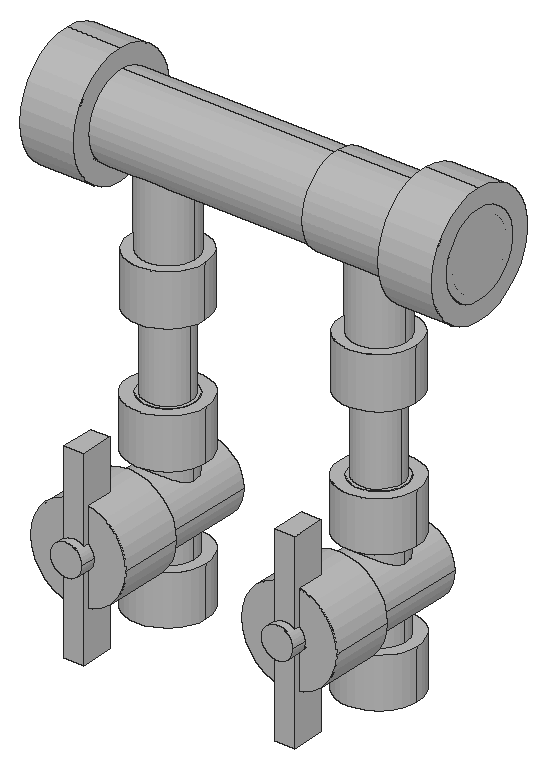
Revit family "Kemper - 6500603200", category Rohrzubehör, Revit 2019
Family settings
  Bemaßung runder Anschluss = Durchmesser verwenden
  Teiletyp = Ventil - Zerlegung in
  OmniClass-Nummer = 23.65.55.14
  OmniClass-Titel = Valves for Liquid Services
  Arbeitsebenenbasiert = Nein
  Immer vertikal = Ja
  Beim Laden mit Abzugskörper schneiden = Nein
  Gemeinsam genutzt = Nein
Parameters (values of type "DN 32")
  valvetype = "Ringleitungsarmatur"  # constant formula
  typedescription = "KEMPER Hygiene System, 650 06, KHS Flow-Splitter unit - dynamic, FPT"  # constant formula
  type of connection = "Flow-Splitter main pass with female thread, female-thread outlets"  # constant formula
  type = "Sicherungsarmatur"  # constant formula
  sound insulation class = "1"  # constant formula
  productgroup = "KEMPER Hygiene System"  # constant formula
  productclassification = ""  # constant formula
  perm. operating pressure Bar = 16  # constant formula
  perm. operating Temperature °C = 90  # constant formula
  max. differential pressure = 0  # constant formula
  kVs-Value = 0  # constant formula
  design = "pass"  # constant formula
  collision width = 88.289 mm  # constant formula
  collision volume = "195 x 88.28925 x 228.53925"  # constant formula
  collision length = 195 mm  # constant formula
  collision height = 228.539 mm  # constant formula
  _created with version = "0.0.0.0"  # constant formula
  _created by (URL) = "www.dendrit.de"
  _created by = "Dendrit Generation"  # constant formula
  WarrantyStartDate [instance] = ""  # constant formula
  WarrantyGuantorParts = ""  # constant formula
  WarrantyGuantorLabour = ""  # constant formula
  WarrantyDurationUnit = "Years"  # constant formula
  WarrantyDurationParts = ""  # constant formula
  WarrantyDurationLabour = ""  # constant formula
  WarrantyDescription = ""  # constant formula
  URL = ""
  Tmin, Control °C = 0  # constant formula
  Tmax, Control °C = 0  # constant formula
  Surface = ""  # constant formula
  Stlb-Number = ""  # constant formula
  SpareParts = ""  # constant formula
  Size DN = 32  # constant formula
  Size = ""  # constant formula
  Shape = "Valve"  # constant formula
  SerialNumber [instance] = ""  # constant formula
  ReplacementCost = ""  # constant formula
  ReferencedStandard = ""  # constant formula
  ProductionYear = ""  # constant formula
  Modelnumber = "6500603200"  # constant formula
  Model = "650 06, KHS Flow-Splitter unit - dynamic, FPT"  # constant formula
  Material = "gunmetal"  # constant formula
  Manufacturer = "Kemper"  # constant formula
  InstallationDate [instance] = ""  # constant formula
  Grade = ""  # constant formula
  Generation ID = "Kemper - 6500603200"  # constant formula
  GTIN-Number = ""  # constant formula
  Flow = 0  # constant formula
  Finish = ""  # constant formula
  Features = ""  # constant formula
  ExpectedLife = ""  # constant formula
  DurationUnit = "Years"  # constant formula
  DocumentationTechnical = ""  # constant formula
  DocumentationLiterature = ""  # constant formula
  DocumentationInstallationGuide = ""  # constant formula
  DocumentationCertificates = ""  # constant formula
  Datanorm = "6500603200"  # constant formula
  CreatedOn = "www.dendrit.de"
  CreatedBy = "Dendrit Generation"  # constant formula
  Cost = ""  # constant formula
  Consistuents = ""  # constant formula
  Color = ""  # constant formula
  CodePerformance = ""  # constant formula
  BarCode [instance] = ""  # constant formula
  AssetType = "Fixed"  # constant formula
  AssetIdentifier [instance] = ""  # constant formula
  AccessibilityPerformance = ""  # constant formula
Reference planes
  plane 1 "Mitte (Vorne/Hinten)": y = 0
  plane 2: z = 0
  plane 3 "Mitte (Links/Rechts)": x = 0
Forms (mm)
  Extrusion 1, solid, material "Generation_172172172000"
    sketch origin (-97.5, 0, 0) x (0, 0, -1) y (0, 1, 0)
      loop
        circle (0, 0) r 19.488
    from 0 to 195
  Extrusion 2, solid, material "Generation_172172172000"
    sketch origin (-97.5, 0, 0) x (0, 0, -1) y (0, 1, 0)
      loop
        circle (0, 0) r 28.289
    from 0 to 25.35
  Extrusion 3, solid, material "Generation_172172172000"
    sketch origin (97.5, 0, 0) x (0, 0, -1) y (0, -1, 0)
      loop
        circle (0, 0) r 28.289
    from 0 to 25.35
  Extrusion 4, solid, material "Generation_172172172000"
    sketch origin (30.5, 0, 0) x (0, 0, -1) y (0, 1, 0)
      loop
        circle (0, 0) r 20.955
    from 0 to 48.75
  Extrusion 5, solid, material "Generation_172172172000"
    sketch origin (50, 0, 0) x (0, -1, 0) y (-1, 0, 0)
      loop
        circle (0, 0) r 12.824
    from 0 to 73.5
  Extrusion 6, solid, material "Generation_172172172000"
    sketch origin (-50, 0, 0) x (0, -1, 0) y (-1, 0, 0)
      loop
        circle (0, 0) r 12.824
    from 0 to 73.5
  Extrusion 7, solid, material "Generation_172172172000"
    sketch origin (50, 0, -73.5) x (1, 0, 0) y (0, 1, 0)
      loop
        circle (0, 0) r 17.715
    from 0 to 24.255
  Extrusion 8, solid, material "Generation_172172172000"
    sketch origin (-50, 0, -73.5) x (1, 0, 0) y (0, 1, 0)
      loop
        circle (0, 0) r 17.715
    from 0 to 24.255
  Extrusion 9, solid, material "Generation_172172172000"
    sketch origin (50, 0, -73.5) x (0, -1, 0) y (-1, 0, 0)
      loop
        circle (0, 0) r 10.709
    from 0 to 36.75
  Extrusion 10, solid, material "Generation_172172172000"
    sketch origin (-50, 0, -73.5) x (0, -1, 0) y (-1, 0, 0)
      loop
        circle (0, 0) r 10.709
    from 0 to 36.75
  Extrusion 11, solid, material "Generation_172172172000"
    sketch origin (50, 0, -110.25) x (0, -1, 0) y (-1, 0, 0)
      loop
        circle (0, 0) r 18.244
    from 0 to 23.56
  Extrusion 12, solid, material "Generation_172172172000"
    sketch origin (-50, 0, -110.25) x (0, -1, 0) y (-1, 0, 0)
      loop
        circle (0, 0) r 18.244
    from 0 to 23.56
  Extrusion 13, solid, material "Generation_172172172000"
    sketch origin (50, 0, -110.25) x (0, -1, 0) y (-1, 0, 0)
      loop
        circle (0, 0) r 12.427
    from 0 to 90
  Extrusion 14, solid, material "Generation_172172172000"
    sketch origin (-50, 0, -110.25) x (0, -1, 0) y (-1, 0, 0)
      loop
        circle (0, 0) r 12.427
    from 0 to 90
  Extrusion 15, solid, material "Generation_172172172000"
    sketch origin (50, 0, -200.25) x (1, 0, 0) y (0, 1, 0)
      loop
        circle (0, 0) r 18.244
    from 0 to 23.56
  Extrusion 16, solid, material "Generation_172172172000"
    sketch origin (-50, 0, -200.25) x (1, 0, 0) y (0, 1, 0)
      loop
        circle (0, 0) r 18.244
    from 0 to 23.56
  Extrusion 17, solid, material "Generation_172172172000"
    sketch origin (-50, -23.22, -155.25) x (1, 0, 0) y (0, 0, -1)
      loop
        circle (0, 0) r 17.319
    from 0 to 46.44
  Extrusion 18, solid, material "Generation_172172172000"
    sketch origin (-50, -23.22, -155.25) x (1, 0, 0) y (0, 0, 1)
      loop
        circle (0, 0) r 22.5
    from 0 to 30
  Extrusion 19, solid, material "Generation_172172172000"
    sketch origin (50, -23.22, -155.25) x (1, 0, 0) y (0, 0, -1)
      loop
        circle (0, 0) r 17.319
    from 0 to 46.44
  Extrusion 20, solid, material "Generation_172172172000"
    sketch origin (50, -23.22, -155.25) x (1, 0, 0) y (0, 0, 1)
      loop
        circle (0, 0) r 22.5
    from 0 to 30
  Extrusion 21, solid, material "Generation_172172172000"
    sketch origin (-50, -60, -155.25) x (1, 0, 0) y (0, 0, -1)
      loop
        circle (0, 0) r 7.403
    from 0 to 9
  Extrusion 22, solid, material "Generation_172172172000"
    sketch origin (50, -60, -155.25) x (1, 0, 0) y (0, 0, -1)
      loop
        circle (0, 0) r 7.403
    from 0 to 9
  Extrusion 23, solid, material "Generation_172172172000"
    sketch origin (-54.627, -39.935, -200.25) x (0, -1, 0) y (1, 0, 0)
      loop
        line (0, 0) -> (15.865, 0) -> (15.865, 9.254) -> (0, 9.254) -> (0, 0)
    from 0 to 90
  Extrusion 24, solid, material "Generation_172172172000"
    sketch origin (45.373, -39.935, -200.25) x (0, -1, 0) y (1, 0, 0)
      loop
        line (0, 0) -> (15.865, 0) -> (15.865, 9.254) -> (0, 9.254) -> (0, 0)
    from 0 to 90
  Extrusion 25, solid, material "Generation_Connector"
    sketch origin (-94.452, 0, 0) x (0, 0, -1) y (0, -1, 0)
      loop
        circle (0, 0) r 16
    from 0 to 3.048
  Extrusion 26, solid, material "Generation_Connector"
    sketch origin (50, 0, -197.202) x (0, -1, 0) y (-1, 0, 0)
      loop
        circle (0, 0) r 10
    from 0 to 3.048
  Extrusion 27, solid, material "Generation_Connector"
    sketch origin (94.452, 0, 0) x (0, 0, -1) y (0, 1, 0)
      loop
        circle (0, 0) r 16
    from 0 to 3.048
  Extrusion 28, solid, material "Generation_Connector"
    sketch origin (-50, 0, -197.202) x (0, -1, 0) y (-1, 0, 0)
      loop
        circle (0, 0) r 10
    from 0 to 3.048
Dimensions and locks
  aligned and locked: level to plane 2
Connectors
  piping at (-97.5, 0, 0), diameter 32
    settings: on Extrusion 25, index 1, connector inside diameter 609.6 mm, connector length 0 mm, flow factor 0, pipe flow 0.0 L/s, pressure drop 0.0 Pa, fitting loss kfactor 0, connector angle 0.00°, fixture units 0, engagement length 0 mm, angle of deflection 0.00°, flow configuration 0, flow direction 0, fitting loss method 0, system type 29, joint type 0, gender type 0, connector reference index -1, connector utility 0, adjustable connector no, is connector primary yes, connector description ""
  piping at (50, 0, -200.25), diameter 20
    settings: on Extrusion 26, index 2, connector inside diameter 609.6 mm, connector length 0 mm, flow factor 0, pipe flow 0.0 L/s, pressure drop 0.0 Pa, fitting loss kfactor 0, connector angle 0.00°, fixture units 0, engagement length 0 mm, angle of deflection 0.00°, flow configuration 0, flow direction 0, fitting loss method 0, system type 29, joint type 0, gender type 0, connector reference index -1, connector utility 0, adjustable connector no, is connector primary no, connector description ""
  piping at (97.5, 0, 0), diameter 32
    settings: on Extrusion 27, index 3, connector inside diameter 609.6 mm, connector length 0 mm, flow factor 0, pipe flow 0.0 L/s, pressure drop 0.0 Pa, fitting loss kfactor 0, connector angle 0.00°, fixture units 0, engagement length 0 mm, angle of deflection 0.00°, flow configuration 0, flow direction 0, fitting loss method 0, system type 29, joint type 0, gender type 0, connector reference index -1, connector utility 0, adjustable connector no, is connector primary no, connector description ""
  piping at (-50, 0, -200.25), diameter 20
    settings: on Extrusion 28, index 4, connector inside diameter 609.6 mm, connector length 0 mm, flow factor 0, pipe flow 0.0 L/s, pressure drop 0.0 Pa, fitting loss kfactor 0, connector angle 0.00°, fixture units 0, engagement length 0 mm, angle of deflection 0.00°, flow configuration 0, flow direction 0, fitting loss method 0, system type 29, joint type 0, gender type 0, connector reference index -1, connector utility 0, adjustable connector no, is connector primary no, connector description ""
